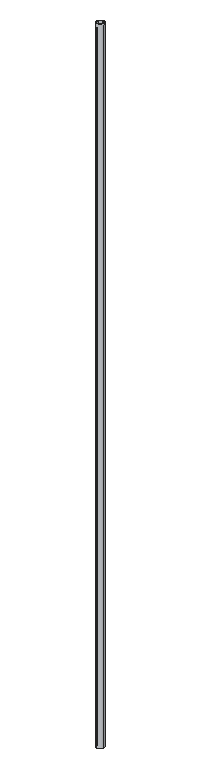
Revit family "Distanzrohr, zn", category HLS-Bauteile, Revit 2017
Family settings
  Bemaßung runder Anschluss = Durchmesser verwenden
  Teiletyp = Normal
  Arbeitsebenenbasiert = Ja
  Immer vertikal = Nein
  Beim Laden mit Abzugskörper schneiden = Nein
  Gemeinsam genutzt = Ja
  Raumberechnungspunkt = Nein
Parameters (values of type "Distanzrohr 1/2" 2000 mm, zn")
  vpe = "2 m"
  Default Elevation = 1219.2 mm
  Regelhalter [instance] = ""
  Montagelänge = 2000 mm
  Mengeneinheit = "m"
  Material = "Stahl"
  Länge = 2000 mm
  Kurztext2 = "Länge 2000 mm ZnNi"
  Kurztext1 = "Distanzrohr 1/2\""
  Gewinde = "1/2''"
  Gewicht pro Stück = (Gewicht * Montagelänge / (1000 mm * 1000)) * 1000  # 2.258 kg
  Gewicht pro Bauteil = Gewicht pro Stück  # 2.258 kg
  Gewicht = 1.129 kg
  Firma = "MEFA Befestigungs- und Montagesysteme GmbH"
  Festigkeitsklasse = ""
  Fabrikat = "MEFA"
  EAN = "4250928457080"
  D0 = 16 mm
  D = 21 mm
  Artikelnummer = "0737002/zn"
Types (3, lengths in mm): name | Montagelänge | Kurztext1 | Gewinde | Gewicht pro Stück | Gewicht pro Bauteil | Gewicht | EAN | D0 | D | Artikelnummer
  (no name) | 1448.505 | "Distanzrohr 1/2\"" | "1/2''" | 1.63536 kg | 1.63536 kg | 1.129 kg | "4250928457080" | 16 | 21 | "0737002/zn"
  Distanzrohr 1/2" 2000 mm, zn | 2000 | "Distanzrohr 1/2\"" | "1/2''" | 2.258 kg | 2.258 kg | 1.129 kg | "4250928457080" | 16 | 21 | "0737002/zn"
  Distanzrohr 1" 2000 mm, zn | 2000 | "Distanzrohr 1\"" | "1''" | 4.508 kg | 4.508 kg | 2.254 kg | "4250928457097" | 27.2 | 33.3 | "0737004/zn"
Reference planes
  plane 1 "Mitte (Vorne/hinten)": y = 0
  plane 2: z = 0
  plane 3 "Mitte (Links/rechts)": x = 0
  plane 4: z = 2000
Forms (mm)
  Extrusion 1, solid
    sketch origin (0, 0, 0) x (1, 0, 0) y (0, 1, 0)
      loop
        circle (0, 0) r 10.5
    from 0 to 2000 <- "Montagelänge"
  Extrusion 2, void
    sketch origin (0, 0, 0) x (1, 0, 0) y (0, 1, 0)
      loop
        circle (0, 0) r 8
    from 0 to 2000
Cuts and joins
  Extrusion 2 cuts Extrusion 1
Lines and regions (mm)
  model lines, not visible
    curve 1: line (17.5, 0, 2000) -> (-17.5, 0, 2000)
    curve 2: line (0, 17.5, 2000) -> (0, -17.5, 2000)
    curve 3: line (0, 17.5, 0) -> (0, -17.5, 0)
    curve 4: line (17.5, 0, 0) -> (-17.5, 0, 0)
    curve 5: line (0, 0, 2027.337) -> (0, 0, -37.663)
Dimensions and locks
  "Montagelänge": level to plane 4
  "D": diameter of Extrusion 1 sketch curve
  "D0": diameter of Extrusion 2 sketch curve
  aligned and locked: level to plane 2
  aligned and locked: Extrusion 1 to level
  aligned and locked: Extrusion 1 to curve 1
  aligned and locked: plane 4 to Extrusion 1
  aligned and locked: curve 2 to plane 4
  aligned and locked: curve 3 to level
  aligned and locked: plane 3 "Mitte (Links/rechts)" to curve 5
  aligned and locked: curve 5 to plane 1 "Mitte (Vorne/hinten)"
  aligned and locked: Extrusion 1 to Extrusion 2
  aligned and locked: Extrusion 2 to level
Automatic sketch dimensions
  plane 1 "Mitte (Vorne/hinten)" to curve 2 = 17.5 mm
  plane 1 "Mitte (Vorne/hinten)" to curve 3 = 17.5 mm
  curve 3 to plane 1 "Mitte (Vorne/hinten)" = 17.5 mm
  curve 2 to plane 1 "Mitte (Vorne/hinten)" = 17.5 mm
  curve 3 to level = 0 mm
  curve 4 to level = 0 mm
  curve 4 to plane 3 "Mitte (Links/rechts)" = 17.5 mm
  curve 1 to plane 3 "Mitte (Links/rechts)" = 17.5 mm
  plane 3 "Mitte (Links/rechts)" to curve 4 = 17.5 mm
  plane 3 "Mitte (Links/rechts)" to curve 1 = 17.5 mm
  curve 5 to level = 37.663 mm
  plane 4 to curve 5 = 27.337 mm
  plane 1 "Mitte (Vorne/hinten)" to Extrusion 1 sketch curve = 0 mm
  Extrusion 1 sketch curve to plane 3 "Mitte (Links/rechts)" = 0 mm
  plane 1 "Mitte (Vorne/hinten)" to Extrusion 2 sketch curve = 0 mm
  Extrusion 2 sketch curve to plane 3 "Mitte (Links/rechts)" = 0 mm
